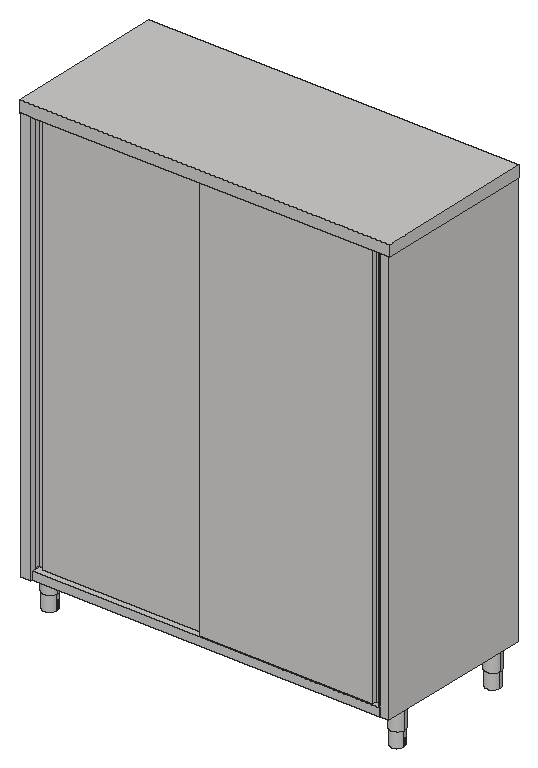
Revit family "QF_ELECTROLUXPROFESSIONAL_132891_SASH16N", category Attrezzature speciali, Revit 2020
Family settings
  Quota connettore circolare = Usa diametro
  Tipo di parte = Normale
  Basato su piano di lavoro = No
  Sempre verticale = Sì
  Taglio con vuoti quando caricato = No
  Condiviso = No
  Punto di calcolo locali = No
Parameters (values of type "Standard")
  Weight = 150.00 kg
  Watts = 0 W
  Volts = 0 V
  URL Manufacturer = "https://www.electroluxprofessional.com/"
  URL = "https://www.electroluxprofessional.com/"
  Steam Supply Size = 0 mm
  Steam Supply Minimum Pressure = 0.0 Pa
  Steam Supply Maximum Pressure = 0.0 Pa
  Steam Consumption per Hour = 0
  Refrigeration Suction Line Size = 0.0 mm
  Refrigeration Liquid Line Size = 0.0 mm
  Refrigerant Compressor Remote = yes
  Prospetto di default = 0.0 mm
  Phase = 0
  Modello = "SASH16N"
  Produttore = "Electrolux Professional"
  Length Actual = 1600.0 mm  # constant formula
  Item Number = "132891"
  Hot Water Size = 0 mm
  Height Actual = 2000.0 mm  # constant formula
  HP = "0 HP"
  Gas Size = 0 mm
  Gas KW = 0
  Gas Input Pressure = 0 W
  Direct Waste Size = 0 mm
  Descrizione = "STORAGE CAB(H=2000)+SLIDING DOORS 1600MM"
  Depth Actual = 700.0 mm  # constant formula
  Cycle = 0 Hz
  Condensate Return Size = 0 mm
  Compressed Air Volume = 0.0 L/s
  Compressed Air Size = 0 mm
  Compressed Air Pressure = 0.0 Pa
  Cold Water Size = 0 mm
  Accessory = yes
Reference planes
  plane 1 "Center (Front/Back)": y = 0
  plane 2: z = 0
  plane 3 "Center (Left/Right)": x = -300
  plane 4 "LEFT": x = -1100
  plane 5 "RIGHT": x = 500
  plane 6 "BACK": y = 350
  plane 7 "FRONT": y = -350
  plane 8 "TOP": z = 2000
  plane 9: x = -1052
  plane 10: x = 452
  plane 11: y = 270
  plane 12: y = -247
  plane 13 "FEET": z = 150
  plane 14: x = -1054.5
  plane 15: y = -344.5
  plane 16: x = 454.5
  plane 17: x = -326.5
  plane 18: x = -273.5
  plane 19 "BaseTop": z = 1950
  plane 20: x = -1094.5
  plane 21: x = 494.5
  plane 22: y = 344.5
Forms (mm)
  Extrusion 1, solid, material "QF_Finishes_Stainless Steel"
    sketch origin (0, 0, 150) x (-1, 0, 0) y (0, -1, 0)
      loop
        line (1094.5, -350) -> (1094.5, 350) -> (1054.5, 350) -> (1054.5, -350) -> (1094.5, -350)
      loop
        line (-454.5, -350) -> (-454.5, 344.5) -> (-494.5, 344.5) -> (-494.5, -350) -> (-454.5, -350)
    from 0 to 1800
  Extrusion 2, solid, material "QF_Finishes_Stainless Steel"
    sketch origin (0, 0, 150) x (-1, 0, 0) y (0, -1, 0)
      loop
        line (1054.5, -347) -> (1054.5, 344.5) -> (-454.5, 344.5) -> (-454.5, -347) -> (1054.5, -347)
    from 0 to 35
  Extrusion 3, solid, material "QF_Finishes_Stainless Steel"
    sketch origin (0, 0, 150) x (-1, 0, 0) y (0, -1, 0)
      loop
        line (-454.5, -350) -> (1054.5, -350) -> (1054.5, -327) -> (-454.5, -327) -> (-454.5, -350)
    from 1800 to 35
  Extrusion 4, solid, material "QF_Finishes_Stainless Steel"
    sketch origin (0, 0, 1950) x (-1, 0, 0) y (0, -1, 0)
      loop
        line (1100, 350) -> (-500, 350) -> (-500, -350) -> (1100, -350) -> (1100, 350)
    from 0 to 50
  Extrusion 5, solid, material "QF_Finishes_Stainless Steel"
    sketch origin (33, 0, 150) x (-1, 0, 0) y (0, -1, 0)
      loop
        line (306.5, 324.5) -> (306.5, 304.5) -> (1085, 304.5) -> (1085, 324.5) -> (1083, 324.5) -> (1083, 309.5) -> (1056.034, 309.5) -> (1056.034, 324.5) -> (306.5, 324.5)
    from 1800 to 40
  Extrusion 6, solid, material "QF_Finishes_Stainless Steel"
    sketch origin (-633, 0, 150) x (1, 0, 0) y (0, 1, 0)
      loop
        line (306.5, -344.5) -> (1056.034, -344.5) -> (1056.034, -329.5) -> (1083, -329.5) -> (1083, -344.5) -> (1085, -344.5) -> (1085, -324.5) -> (306.5, -324.5) -> (306.5, -344.5)
    from 1800 to 40
Lines and regions (mm)
  symbolic lines, style "SpecialityEquipment"
    curve 1: line (-1100, 350, 1950) -> (500, 350, 1950)
    curve 2: line (-1100, -350, 1950) -> (-1100, 350, 1950)
    curve 3: line (500, -350, 1950) -> (-1100, -350, 1950)
    curve 4: line (500, 350, 1950) -> (500, -350, 1950)
  symbolic lines, style "SpecialityEquipmentHiddenLines"
    curve 5: line (-1100, -350, 1950) -> (500, 350, 1950)
    curve 6: line (-326.5, -324.5, 200) -> (-326.5, -344.5, 200)
    curve 7: line (-1052, -304.5, 1950) -> (-273.5, -304.5, 1950)
    curve 8: line (-273.5, -304.5, 1950) -> (-273.5, -324.5, 1950)
    curve 9: line (-273.5, -324.5, 1950) -> (-1052, -324.5, 1950)
    curve 10: line (-1052, -324.5, 1950) -> (-1052, -304.5, 1950)
    curve 11: line (-326.5, -344.5, 1950) -> (452, -344.5, 1950)
    curve 12: line (452, -344.5, 1950) -> (452, -324.5, 1950)
    curve 13: line (452, -324.5, 1950) -> (-273.5, -324.5, 1950)
Dimensions and locks
  plane 4 "LEFT" to plane 5 "RIGHT" = 1600.0 mm
  equal spacing: plane 4 "LEFT", plane 3 "Center (Left/Right)", plane 5 "RIGHT"
  plane 6 "BACK" to plane 7 "FRONT" = 700.0 mm
  equal spacing: plane 6 "BACK", plane 1 "Center (Front/Back)", plane 7 "FRONT"
  locked: plane 13 "FEET" to level at 150
  locked: plane 4 "LEFT" to plane 9 at 48
  locked: plane 10 to plane 5 "RIGHT" at 48
  locked: plane 6 "BACK" to plane 11 at 80
  locked: plane 12 to plane 7 "FRONT" at 103
  locked: plane 8 "TOP" to level at 2000
  locked: plane 17 to plane 18 at 53
  equal spacing: plane 17, plane 3 "Center (Left/Right)", plane 18
  plane 4 "LEFT" to plane 20 = 5.5 mm
  locked: plane 20 to plane 14 at 40
  locked: plane 16 to plane 21 at 40
  locked: plane 21 to plane 5 "RIGHT" at 5.5
  plane 15 to plane 7 "FRONT" = 5.5 mm  (x2)
  plane 6 "BACK" to plane 22 = 5.5 mm
  locked: plane 8 "TOP" to plane 19 "BaseTop" at 50
  aligned and locked: level to plane 2
  aligned and locked: plane 9 to nested 1
  aligned and locked: plane 10 to nested 2
  aligned and locked: nested 4 to plane 11
  aligned and locked: plane 9 to nested 3
  aligned and locked: nested 3 to plane 11
  aligned and locked: plane 6 "BACK" to Extrusion 1 sketch curve
  aligned and locked: Extrusion 1 sketch curve to plane 6 "BACK"
  aligned and locked: Extrusion 1 sketch curve to plane 7 "FRONT"
  aligned and locked: plane 14 to Extrusion 1
  aligned and locked: Extrusion 2 to plane 14
  aligned and locked: Extrusion 2 to plane 15
  aligned and locked: nested 1 to plane 12
  aligned and locked: nested 2 to plane 12
  aligned and locked: Extrusion 2 sketch curve to plane 16
  aligned and locked: nested 4 to nested 2
  aligned and locked: plane 16 to Extrusion 3
  aligned and locked: Extrusion 3 to plane 14
  aligned and locked: plane 19 "BaseTop" to Extrusion 3
Automatic sketch dimensions
  Extrusion 1 sketch curve to plane 15 = 0.0 mm
  Extrusion 1 sketch curve to plane 21 = 0.0 mm
  Extrusion 1 sketch curve to plane 16 = 0.0 mm
  Extrusion 1 sketch curve to plane 14 = 0.0 mm
  Extrusion 1 sketch curve to plane 20 = 0.0 mm
  Extrusion 2 sketch curve to plane 14 = 0.0 mm
  Extrusion 2 sketch curve to plane 15 = 0.0 mm
  plane 22 to Extrusion 2 sketch curve = 2.5 mm
  curve 6 to plane 15 = 0.0 mm
  curve 6 to plane 17 = 0.0 mm
  plane 15 to curve 6 = 20.0 mm
  Extrusion 3 sketch curve to plane 6 "BACK" = 0.0 mm
  Extrusion 3 sketch curve to plane 16 = 0.0 mm
  Extrusion 3 sketch curve to plane 14 = 0.0 mm
  plane 22 to Extrusion 3 sketch curve = 17.5 mm
  Extrusion 4 sketch curve to plane 5 "RIGHT" = 0.0 mm
  Extrusion 4 sketch curve to plane 4 "LEFT" = 0.0 mm
  Extrusion 4 sketch curve to plane 6 "BACK" = 0.0 mm
  Extrusion 4 sketch curve to plane 7 "FRONT" = 0.0 mm
  Extrusion 5 sketch curve to plane 18 = 0.0 mm
  Extrusion 5 sketch curve to plane 9 = 0.0 mm
  plane 9 to Extrusion 5 sketch curve = 28.966 mm
  plane 9 to Extrusion 5 sketch curve = 2.0 mm
  plane 15 to Extrusion 5 sketch curve = 40.0 mm
  Extrusion 5 sketch curve to Extrusion 5 sketch curve = 5.0 mm
  Extrusion 5 sketch curve to Extrusion 5 sketch curve = 15.0 mm  (x2)
  Extrusion 6 sketch curve to plane 17 = 0.0 mm
  Extrusion 6 sketch curve to plane 15 = 0.0 mm  (x2)
  Extrusion 6 sketch curve to plane 10 = 0.0 mm
  plane 10 to Extrusion 6 sketch curve = 28.966 mm
  Extrusion 6 sketch curve to plane 15 = 15.0 mm
  Extrusion 6 sketch curve to Extrusion 6 sketch curve = 20.0 mm
  Extrusion 6 sketch curve to Extrusion 6 sketch curve = 2.0 mm
  curve 1 to plane 5 "RIGHT" = 0.0 mm
  curve 11 to plane 10 = 0.0 mm
  curve 8 to plane 18 = 0.0 mm
  curve 11 to plane 17 = 0.0 mm
  curve 9 to plane 9 = 0.0 mm
  curve 3 to plane 4 "LEFT" = 0.0 mm
  curve 1 to plane 6 "BACK" = 0.0 mm
  curve 12 to plane 15 = 0.0 mm
  curve 4 to plane 7 "FRONT" = 0.0 mm
  plane 15 to curve 8 = 40.0 mm
  curve 13 to curve 11 = 20.0 mm
Nested families
  nested 1: "FEET_D60-150" at (-1052, -247, 0), type "FEET_D60-150"
  nested 2: "FEET_D60-150" at (452, -247, 0), type "FEET_D60-150"
  nested 3: "FEET_D60-150" at (-1052, 270, 0), type "FEET_D60-150"
  nested 4: "FEET_D60-150" at (452, 270, 0), type "FEET_D60-150"
Definition of nested family "FEET_D60-150"
  Parameters
    Default Elevation = 0.0 mm
    FEET = 150.0 mm
  Reference planes
    plane 1 "Center (Front/Back)": y = 0
    plane 2: z = 0
    plane 3 "Center (Left/Right)": x = 0
    plane 4: z = 150
  Forms (mm)
    Extrusion 1, solid
      sketch origin (0, 0, 0) x (1, 0, 0) y (0, 1, 0)
        loop
          circle (0, 0) r 28
      from 0 to 67
    Revolve 2, solid
      sketch origin (0, 0, 0) x (1, 0, 0) y (0, 0, 1)
        loop
          line (0, 0) -> (0, 150) -> (-32.939, 150) -> (-32.939, 67) -> (-30, 67) -> (-30, 0) -> (0, 0)
        axis (0, 150) -> (0, 0)
      angle from 0 to 360
  Lines and regions (mm)
    symbolic lines
      curve 1: line (0, -1.503, 0) -> (0, 1.508, 0)
      curve 2: line (1.561, 0, 0) -> (-1.439, 0, 0)
  Dimensions and locks
    "FEET": plane 4 to plane 2
    aligned and locked: level to plane 2
  Automatic sketch dimensions
    plane 1 "Center (Front/Back)" to Extrusion 1 sketch curve = 0.0 mm
    Extrusion 1 sketch curve to plane 3 "Center (Left/Right)" = 0.0 mm
    plane 1 "Center (Front/Back)" to curve 2 = 0.0 mm
    curve 1 to plane 3 "Center (Left/Right)" = 0.0 mm
    curve 2 to plane 3 "Center (Left/Right)" = 1.439 mm
    plane 3 "Center (Left/Right)" to curve 2 = 1.561 mm
    plane 1 "Center (Front/Back)" to curve 1 = 1.503 mm
    curve 1 to plane 1 "Center (Front/Back)" = 1.508 mm
    Revolve 2 sketch curve to plane 4 = 0.0 mm
    Revolve 2 sketch curve to level = 0.0 mm
    Revolve 2 sketch curve to plane 3 "Center (Left/Right)" = 0.0 mm  (x2)
    Revolve 2 sketch curve to plane 3 "Center (Left/Right)" = 30.0 mm
    Revolve 2 sketch curve to plane 3 "Center (Left/Right)" = 32.939 mm
    level to Revolve 2 sketch curve = 67.0 mm
    Revolve 2 sketch curve to level = 42.207 mm
    Revolve 2 sketch curve to Revolve 2 sketch curve = 10.0 mm
    radius of Extrusion 1 sketch curve = 28.0 mm
